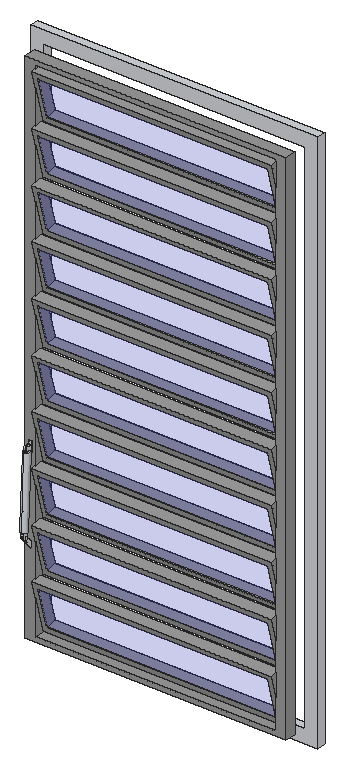
Revit family "Tairmo All-glass with standard frame HLA 165", category Windows, host Wall, Revit 2014
Parameters
  PRACTICAL NUMBER OF BLADES = if(Blade_height = 220 mm, "Decrease blade number", if(Blade_height = 400 mm, "Add more blades", "OKAY"))  # "OKAY"
  No. of Blades = 10
  Numbers = if(No. of Blades < 2, 2, No. of Blades)  # 10
  Main_visible = No. of Blades < 2  # no
  Height = 3000 mm
  H2 = 27.5 mm
  H1 = 27.5 mm
  Glass_material = Glass
  Frame_material = Aluminum, Anodized Silver
  Depth = 66 mm
  Default Sill Height = 800 mm
  TrimProjection = 50 mm
  Wall Closure = By host
  Width = 1500 mm
  Blade_width = Actual_width - B1 - B2  # 1380 mm
  Blade_height = if(Actual_Blade_height < 220 mm, 220 mm, if(Actual_Blade_height > 400 mm, 400 mm, Actual_Blade_height))  # 292.14 mm
  Actuator_horizontal_position = Actual_width - B1 / 2  # 1470 mm
  Actuator(Electric, Manual, Pneumatic) = HLA 165 : HLA 165
  Actual_Blade_height = (Height - H1 - H2 - 11.8 mm - 11.8 mm) / No. of Blades  # 292.14 mm
  Blade_origin = (Actual_Blade_height / 2) + 11.8 mm  # 157.87 mm
  B2 = 60 mm
  B1 = 60 mm
  Array_visible = No. of Blades > 1  # yes
  Array_distance = Actual_Blade_height  # 292.14 mm
  Angle_ = if(Angle_opening > 89.00°, 89.00°, Angle_opening)  # 75.00°
  Angle_opening = 75.00°
  Actual_width = if(Width < 250 mm, 250 mm, if(Width > 2500 mm, 2500 mm, Width))  # 1500 mm
  Actual_height = if(Height < 290 mm, 290 mm, Height)  # 3000 mm
Reference planes
  plane 1 "Center (Front/Back)": y = 0
  plane 2 "Center (Left/Right)": x = 0
  plane 3 "Left": x = -750
  plane 4 "Right": x = 750
  plane 5 "Sill": z = 800
  plane 6 "Head": z = 3800
  plane 7 "Exterior": y = 100
  plane 8 "Interior": y = -100
  plane 9: x = -690
  plane 10: x = 690
  plane 11: z = 3772.5
  plane 12: z = 827.5
  plane 13: y = 7
Forms (mm)
  Extrusion 1, solid
    sketch origin (3500, 100, 0) x (-1, 0, 0) y (0, 0, 1)
      loop
        line (2750, 3800) -> (2750, 800) -> (4250, 800) -> (4250, 3800) -> (2750, 3800)
      loop
        line (2675, 3875) -> (2675, 725) -> (4325, 725) -> (4325, 3875) -> (2675, 3875)
    from 0 to 50
  Extrusion 2, solid, material "Aluminum, Anodized Silver" <- "Frame_material"
    sketch origin (0, 100, 0) x (1, 0, 0) y (0, 0, 1)
      loop
        line (750, 3800) -> (-750, 3800) -> (-750, 800) -> (750, 800) -> (750, 3800)
      loop
        line (690, 3772.5) -> (-690, 3772.5) -> (-690, 827.5) -> (690, 827.5) -> (690, 3772.5)
    from 67 to 133
Lines and regions (mm)
  Opening 1
    outline origin (3500, -100, 0) x (1, 0, 0) y (0, 0, 1)
      loop
        line (-2750, 800) -> (-2750, 3800) -> (-4250, 3800) -> (-4250, 800) -> (-2750, 800)
Text (mm)
  text "EXTERIOR" at (-1981.535, 863.181, 0), in view "Ref. Level"
  text "INTERIOR" at (-2017.992, -707.606, 0), in view "Ref. Level"
  text "Exterior" at (0, 923.751, 2943.296), in view "Right"
  text "Exterior" at (0, 1019.841, 2788.626), in view "Left"
Dimensions and locks
  equal spacing: plane 3 "Left", plane 2 "Center (Left/Right)", plane 4 "Right"
  "Actual_width": plane 3 "Left" to plane 4 "Right"
  "Actual_height": plane 5 "Sill" to plane 6 "Head"
  "Default Sill Height": plane 5 "Sill" to level
  "TrimProjection": Extrusion 1 to host wall
  plane 7 "Exterior" to host wall = 0 mm
  locked: plane 8 "Interior" to host wall
  "B2": plane 3 "Left" to plane 9
  "B1": plane 10 to plane 4 "Right"
  "H1": plane 11 to plane 6 "Head"
  "H2": plane 5 "Sill" to plane 12
  equal spacing: Extrusion 2, plane 1 "Center (Front/Back)", Extrusion 2
  "Depth": Extrusion 2 to Extrusion 2
  host wall to host wall = 4000 mm
  "Blade_origin": plane 12 to nested 1
  equal spacing: group 1, group 2, group 3, group 4, group 5, group 6, group 7, group 8, group 9, group 10  (x3)
  "Array_distance": nested 1 to nested 2
  "Blade_origin": plane 12 to nested 3
  "Actuator_horizontal_position": nested 12 to Extrusion 2
  aligned and locked: Extrusion 2 sketch curve to host wall  (x4)
  aligned and locked: Extrusion 2 sketch curve to plane 11
  aligned and locked: Extrusion 2 sketch curve to plane 10
  aligned and locked: plane 12 to Extrusion 2 sketch curve
  aligned and locked: Extrusion 2 sketch curve to plane 9
Automatic sketch dimensions
  Opening 1 sketch curve to plane 3 "Left" = 0 mm
  Opening 1 sketch curve to plane 4 "Right" = 0 mm
  Opening 1 sketch curve to plane 5 "Sill" = 0 mm
  Opening 1 sketch curve to plane 6 "Head" = 0 mm
  Extrusion 1 sketch curve to plane 4 "Right" = 0 mm
  Extrusion 1 sketch curve to plane 3 "Left" = 0 mm
  Extrusion 1 sketch curve to plane 4 "Right" = 75 mm
  plane 3 "Left" to Extrusion 1 sketch curve = 75 mm
  Extrusion 1 sketch curve to plane 5 "Sill" = 0 mm
  Extrusion 1 sketch curve to plane 6 "Head" = 0 mm
  Extrusion 1 sketch curve to Extrusion 1 sketch curve = 75 mm
  Extrusion 1 sketch curve to plane 6 "Head" = 75 mm
Nested families
  nested 1: "Tairmo All-glass _blade" at (0, 7, 985.37) x (0, -1, 0) z (-1, 0, 0), visible <- "Array_visible", type "Tairmo All-glass _blade_array"
  nested 2: "Tairmo All-glass _blade" at (0, 7, 1277.51) x (0, -1, 0) z (-1, 0, 0), visible <- "Array_visible", type "Tairmo All-glass _blade_array"
  nested 3: "Tairmo All-glass _blade" at (0, 7, 985.37) x (0, -1, 0) z (-1, 0, 0), visible <- "Main_visible", type "Tairmo All-glass _blade_main"
  nested 4: "Tairmo All-glass _blade" at (0, 7, 1569.65) x (0, -1, 0) z (-1, 0, 0), visible <- "Array_visible", type "Tairmo All-glass _blade_array"
  nested 5: "Tairmo All-glass _blade" at (0, 7, 1861.79) x (0, -1, 0) z (-1, 0, 0), visible <- "Array_visible", type "Tairmo All-glass _blade_array"
  nested 6: "Tairmo All-glass _blade" at (0, 7, 2153.93) x (0, -1, 0) z (-1, 0, 0), visible <- "Array_visible", type "Tairmo All-glass _blade_array"
  nested 7: "Tairmo All-glass _blade" at (0, 7, 2446.07) x (0, -1, 0) z (-1, 0, 0), visible <- "Array_visible", type "Tairmo All-glass _blade_array"
  nested 8: "Tairmo All-glass _blade" at (0, 7, 2738.21) x (0, -1, 0) z (-1, 0, 0), visible <- "Array_visible", type "Tairmo All-glass _blade_array"
  nested 9: "Tairmo All-glass _blade" at (0, 7, 3030.35) x (0, -1, 0) z (-1, 0, 0), visible <- "Array_visible", type "Tairmo All-glass _blade_array"
  nested 10: "Tairmo All-glass _blade" at (0, 7, 3322.49) x (0, -1, 0) z (-1, 0, 0), visible <- "Array_visible", type "Tairmo All-glass _blade_array"
  nested 11: "Tairmo All-glass _blade" at (0, 7, 3614.63) x (0, -1, 0) z (-1, 0, 0), visible <- "Array_visible", type "Tairmo All-glass _blade_array"
  nested 12: "HLA 165" at (-720, -33, 1277.51) x (0, -1, 0) z (0, 0, 1), type <- "Actuator(Electric, Manual, Pneumatic)", type "HLA 165"
Definition of nested family "Tairmo All-glass _blade"
  Parameters (values of type "Tairmo All-glass _blade_main")
    angle = 75.00°
    Glass_wall_depth = 60 mm
    Blade_width = 1380 mm
    Glass_wall_material = Aluminum, Anodized Silver
    Glass_wall_thickness = 29 mm
    Glass_thickness = 53 mm
    Glass_material = Glass
    Blade_height = 292.14 mm
  Types (2): name
    Tairmo All-glass _blade_main
    Tairmo All-glass _blade_array
  Reference planes
    plane 1 "Center (Front/Back)": y = 0
    plane 2: z = 0
    plane 3 "Center (Left/Right)": x = 0
  Forms (mm)
    Extrusion 1, solid, material "Glass" <- "Glass_material"
      sketch origin (-160.607, -947.127, 0) x (0.258819, 0.965926, 0) y (-0.965926, 0.258819, 0)
        loop
          line (839.353, 116.5) -> (839.353, 63.5) -> (1073.493, 63.5) -> (1073.493, 116.5) -> (839.353, 116.5)
      from -661 to 661
    Extrusion 2, solid, material "Aluminum, Anodized Silver" <- "Glass_wall_material"
      sketch origin (0, 0, 0) x (0.258819, 0.965926, 0) y (0, 0, 1)
        loop
          line (146.07, 690) -> (-146.07, 690) -> (-146.07, -690) -> (146.07, -690) -> (146.07, 690)
        loop
          line (117.07, 661) -> (-117.07, 661) -> (-117.07, -661) -> (117.07, -661) -> (117.07, 661)
      from -30 to 30
  Lines and regions (mm)
    reference lines
      curve 1: line (0, 0, 0) -> (776.457, 2897.777, 0)
  Dimensions and locks
    equal spacing: Extrusion 1, curve 1, Extrusion 1
    "Glass_thickness": Extrusion 1 to Extrusion 1
    equal spacing: Extrusion 2, curve 1, Extrusion 2  (x5)
    "Glass_wall_depth": Extrusion 2 to Extrusion 2  (x2)
    "Glass_wall_thickness": Extrusion 2 to Extrusion 2  (x4)
    "Blade_height": Extrusion 2 to Extrusion 2
    "Blade_width": Extrusion 2 to Extrusion 2
    "angle": angle plane 1 "Center (Front/Back)" to curve 1
    aligned and locked: level to plane 2
    aligned and locked: plane 3 "Center (Left/Right)" to curve 1
    aligned and locked: plane 1 "Center (Front/Back)" to curve 1
    aligned and locked: Extrusion 2 to Extrusion 1  (x4)
  Automatic sketch dimensions
    curve 1 to Extrusion 1 sketch curve = 26.5 mm
    Extrusion 1 sketch curve to curve 1 = 117.07 mm
    curve 1 to Extrusion 1 sketch curve = 117.07 mm
    Extrusion 1 sketch curve to curve 1 = 26.5 mm
    Extrusion 2 sketch curve to curve 1 = 146.07 mm
    Extrusion 2 sketch curve to Extrusion 2 sketch curve = 29 mm  (x4)
    curve 1 to Extrusion 2 sketch curve = 117.07 mm
    Extrusion 2 sketch curve to curve 1 = 690 mm
    curve 1 to Extrusion 2 sketch curve = 661 mm
Definition of nested family "HLA 165"
  Reference planes
    plane 1 "Center (Front/Back)": y = 0
    plane 2: z = 0
    plane 3 "Center (Left/Right)": x = 0
  Forms (mm)
    Extrusion 1, solid
      sketch origin (0, 0, -399.225) x (1, 0, 0) y (0, 0, 1)
        loop
          line (0, 888.316) -> (3.5, 888.316) -> (3.5, 950.316) -> (0, 950.316) -> (0, 888.316)
      from -8.5 to 8.5
    Extrusion 2, solid
      sketch origin (0, 0, -399.225) x (1, 0, 0) y (0, 0, 1)
        loop
          arc (8, 930.316) -> (6.969, 928.912) -> (5.333, 928.316) r 3.005
          arc (5.333, 928.316) -> (4.105, 930.265) -> (3.5, 932.488) r 7.797
          line (3.5, 932.488) -> (3.5, 906.145)
          arc (3.5, 906.145) -> (4.105, 908.367) -> (5.333, 910.316) r 7.797
          arc (5.333, 910.316) -> (6.969, 909.72) -> (8, 908.316) r 3.005
          line (8, 908.316) -> (27.519, 909.33)
          arc (27.519, 909.33) -> (37, 919.316) -> (27.519, 929.303) r 10
          line (27.519, 929.303) -> (8, 930.316)
      from -8.5 to 8.5
    Extrusion 3, solid
      sketch origin (13.862, 0, 244.298) x (0.999115, 0, 0.04206) y (0, 1, 0)
        loop
          circle (24.834, 0) r 18
      from -144.004 to 257.696
    Extrusion 4, solid
      sketch origin (0, 0, -399.225) x (1, 0, 0) y (0, 0, 1)
        loop
          line (22.464, 908.514) -> (22.748, 901.822) -> (32.74, 902.242) -> (32.455, 908.938) -> (34.826, 912.041) -> (34.258, 925.424) -> (29.901, 927.847) -> (23.407, 927.571) -> (19.271, 924.784) -> (19.839, 911.405) -> (22.464, 908.514)
      from -3.5 to 3.5
    Extrusion 5, solid
      sketch origin (0, 0, -399.225) x (1, 0, 0) y (0, 0, 1)
        loop
          line (32.547, 494.189) -> (35.213, 490.331) -> (36.061, 470.349)
          arc (36.061, 470.349) -> (46.476, 460.782) -> (56.043, 471.197) r 10
          line (56.043, 471.197) -> (55.195, 491.179) -> (57.524, 495.25) -> (57.271, 501.219) -> (32.293, 500.168) -> (32.547, 494.189)
        loop
          circle (46.097, 469.718) r 8
      from -8.5 to 8.5
    Extrusion 6, solid
      sketch origin (0, 0, -399.225) x (1, 0, 0) y (0, 0, 1)
        loop
          line (0, 399.225) -> (56.392, 466.431)
          arc (56.392, 466.431) -> (57.543, 470.081) -> (55.776, 473.475) r 5
          line (55.776, 473.475) -> (48.116, 479.903)
          arc (48.116, 479.903) -> (44.466, 481.054) -> (41.072, 479.287) r 5
          line (41.072, 479.287) -> (4.111, 435.24)
          arc (4.111, 435.24) -> (3.263, 428.509) -> (0, 422.562) r 18.125
          line (0, 422.562) -> (0, 399.225)
      from -3.5 to 3.5
    Extrusion 7, solid
      sketch origin (0, 0, -399.225) x (1, 0, 0) y (0, 0, 1)
        loop
          circle (46.097, 469.718) r 6.5
      from -13.5 to 14.5
  Dimensions and locks
    aligned and locked: level to plane 2
